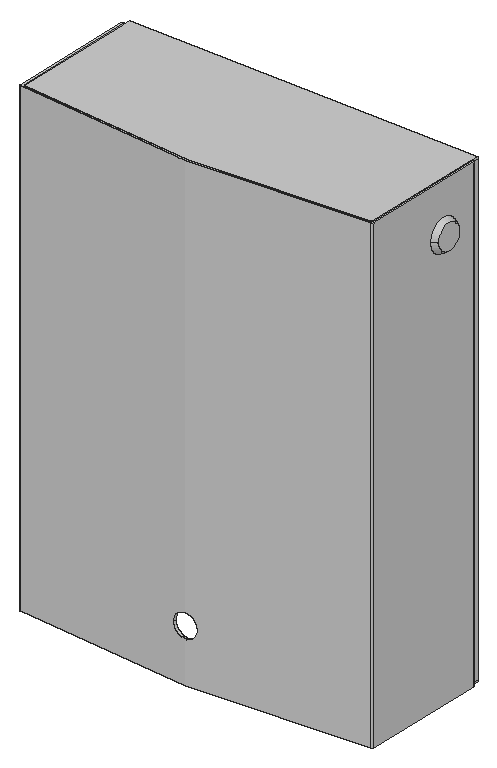
Revit family "RST-Line Paper Towel Dispenser_", category Casework, Revit 2012
Parameters (values of type "1304")
  URL = "www.korpinen.com"
  Type = Paper Towel Dispenser : 1304
  Model = "1304 Paper Towel Dispenser with Lock"
  Manufacturer = "Korpinen Oy"
  Depth = 0 mm
  Height = 1050 mm
  Width = 0 mm
Types (3, lengths in mm): name | Type | Model
  (no name) | Paper Towel Dispenser : 1304 | "1304 Paper Towel Dispenser with Lock"
  1305 | Paper Towel Dispenser : 1305 | "1305 Paper Towel Dispenser"
  1304 | Paper Towel Dispenser : 1304 | "1304 Paper Towel Dispenser with Lock"
Reference planes
  plane 1 "Back": y = 0
  plane 2: z = 0
  plane 3 "Center (Left/Right)": x = 44.7
Dimensions and locks
  aligned and locked: level to plane 2
Nested families
  nested 1: "Paper Towel Dispenser" at (44.7, 0, 1050), built-in parameter 1001364 <- "Height", type <- "Type", type "1304"
Definition of nested family "Paper Towel Dispenser"
  Parameters (values of type "1304")
    URL = "http://www.korpinen.com/"
    Model = "1304 Paper Towel Dispenser"
    Material = Stainless Steel Brushed
    Manufacturer = "Väinö Korpinen Oy"
    Lock Material = Chrome Polished
    LOCK = yes
  Types (3, lengths in mm): name | Model | LOCK
    (no name) | "1304 Paper Towel Dispenser" | yes
    1305 | "1305 Paper Towel Dispenser" | no
    1304 | "1304 Paper Towel Dispenser" | yes
  Reference planes
    plane 1 "Center (Front/Back)": y = 0
    plane 2: z = 0
    plane 3 "Center (Left/Right)": x = 0
  Forms (mm)
    Extrusion 1, solid, material "Stainless Steel Brushed" <- "Material"
      sketch origin (0, 0, -1048.5) x (1, 0, 0) y (0, 1, 0)
        loop
          line (0, 0) -> (-130, 0) -> (-130, -14) -> (-129, -14) -> (-129, -1) -> (0, -1) -> (129, -1) -> (129, -14) -> (130, -14) -> (130, 0) -> (0, 0)
      from 1050 to 1398.307
    Extrusion 2, solid, material "Stainless Steel Brushed" <- "Material"
      sketch origin (0, 0, -1048.5) x (1, 0, 0) y (0, 1, 0)
        loop
          line (130, 0) -> (-130, 0) -> (-130, -97.688)
          arc (-130, -97.688) -> (-129.629, -98.678) -> (-128.699, -99.18) r 1.506
          arc (-128.699, -99.18) -> (0.022, -108) -> (128.742, -99.174) r 943.389
          arc (128.742, -99.174) -> (129.641, -98.688) -> (130, -97.731) r 1.456
          line (130, -97.731) -> (130, 0)
      from 1398.307 to 1399.807
    Extrusion 3, solid, material "Stainless Steel Brushed" <- "Material"
      sketch origin (0, 0, -1048.5) x (1, 0, 0) y (0, 1, 0)
        loop
          line (-129.994, 0) -> (-129.994, -97.701)
          arc (-129.994, -97.701) -> (-129.616, -98.709) -> (-128.67, -99.22) r 1.533
          arc (-128.67, -99.22) -> (-0.106, -108.031) -> (128.456, -99.211) r 941.832
          arc (128.456, -99.211) -> (129.516, -98.772) -> (129.955, -97.712) r 1.499
          line (129.955, -97.712) -> (129.955, 0) -> (-129.994, 0)
        loop
          spline (-87.257, -50) -> (-84.284, -55.775) -> (-75.567, -61.156) -> (-61.7, -65.777) -> (-43.629, -69.322) -> (-22.584, -71.551) -> (0, -72.311) -> (22.584, -71.551) -> (43.629, -69.322) -> (61.7, -65.777) -> (75.567, -61.156) -> (84.284, -55.775) -> (87.257, -50)
          spline (87.257, -50) -> (84.284, -44.225) -> (75.567, -38.844) -> (61.7, -34.223) -> (43.629, -30.678) -> (22.584, -28.449) -> (0, -27.689) -> (-22.584, -28.449) -> (-43.629, -30.678) -> (-61.7, -34.223) -> (-75.567, -38.844) -> (-84.284, -44.225) -> (-87.257, -50)
      from 1048.5 to 1050
    Extrusion 4, solid, material "Stainless Steel Brushed" <- "Material"
      sketch origin (0, 0, -1048.5) x (1, 0, 0) y (0, 1, 0)
        loop
          line (130, -5.995) -> (130, -97.704)
          arc (130, -97.704) -> (129.634, -98.681) -> (128.716, -99.178) r 1.488
          arc (128.716, -99.178) -> (0.019, -108.031) -> (-128.678, -99.183) r 940.076
          arc (-128.678, -99.183) -> (-129.623, -98.672) -> (-130, -97.665) r 1.532
          line (-130, -97.665) -> (-130, -6.007)
          arc (-130, -6.007) -> (-131, -5.007) -> (-132, -6.007) r 1
          line (-132, -6.007) -> (-132, -99.466)
          arc (-132, -99.466) -> (-131.641, -100.426) -> (-130.74, -100.915) r 1.463
          arc (-130.74, -100.915) -> (-0.013, -110.031) -> (130.714, -100.919) r 942.076
          arc (130.714, -100.919) -> (131.634, -100.42) -> (132, -99.44) r 1.493
          line (132, -99.44) -> (132, -5.995)
          arc (132, -5.995) -> (131, -4.995) -> (130, -5.995) r 1
      from 1048.5 to 1399.807
    Extrusion 5, void
      sketch origin (0, 0, -1048.5) x (1, 0, 0) y (0, 0, 1)
        loop
          circle (-0.019, 1088.5) r 9
      from 106.356 to 111.086
    Blend 6, solid, material "Chrome Polished" <- "Lock Material", visible <- "LOCK"
      base sketch origin (0, 0, -1048.5) x (0, 1, 0) y (0, 0, 1)
        loop
          circle (-35.007, 1363.807) r 12
      top sketch origin (0, 0, -1048.5) x (0, 1, 0) y (0, 0, 1)
        loop
          circle (-35.007, 1363.807) r 9.465
      from 132 to 136.61
  Cuts and joins
    Extrusion 5 cuts Extrusion 1
    Extrusion 5 cuts Extrusion 4
  Lines and regions (mm)
    symbolic lines, style "Above Cutting Plane"
      curve 1: line (-132, -6.007, 0) -> (-132, -100.738, 0)
      curve 2: arc (-132, -100.738, 0) -> (0, -110.031, 0) -> (132, -100.738, 0) r 942.076
      curve 3: line (132, -100.738, 0) -> (132, -5.995, 0)
  Dimensions and locks
    aligned and locked: level to plane 2
    aligned and locked: Extrusion 2 to Extrusion 1
    aligned and locked: Extrusion 3 to Extrusion 1
    aligned and locked: Extrusion 4 to Extrusion 3
    aligned and locked: Extrusion 4 to Extrusion 2
